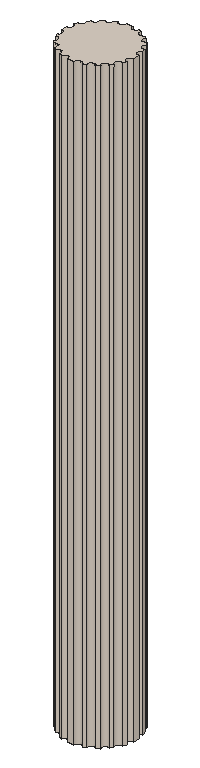
Revit family "Corinthium Column - Body", category 기둥, Revit 2026
Family settings
  로드될 때 보이드를 사용하여 절단 = 아니오
  자동으로 형상을 벽에 결합합니다 = 예
  공유 = 아니오
  평면도에서 미리 절단된 패밀리 표시 = 예
Parameters (values of type "600mmDiameter")
  제조업체 = "Revit"
  Material = Masonry - Stone
  Base Offset = 0.00 mm
  Top Offset = 0.00 mm
Reference planes
  plane 1: y = -73.685
  plane 2: z = 0
  plane 3: x = 5.235
  plane 4: z = 2508.175
  plane 5: z = 0
  plane 6: z = 3000
  plane 7: x = -144.765
  plane 8: x = 155.235
Forms (mm)
  Extrusion 1, solid, material "Masonry - Stone" <- "Material"
    sketch origin (0, 0, 0) x (1, 0, 0) y (0, 1, 0)
      loop
        arc (-35.766, 69.097) -> (-42.479, 66.996) -> (-49.086, 64.579) r 148.552
        arc (-49.086, 64.579) -> (-56.435, 46.406) -> (-75.487, 51.021) r 15
        arc (-75.487, 51.021) -> (-81.975, 46.573) -> (-88.219, 41.788) r 148.552
        arc (-88.219, 41.788) -> (-89.751, 22.245) -> (-109.308, 20.906) r 15
        arc (-109.308, 20.906) -> (-113.658, 15.377) -> (-117.741, 9.648) r 148.552
        arc (-117.741, 9.648) -> (-113.528, -9.496) -> (-131.853, -16.46) r 15
        arc (-131.853, -16.46) -> (-134.408, -23.015) -> (-136.65, -29.683) r 148.552
        arc (-136.65, -29.683) -> (-127.056, -46.777) -> (-142.566, -58.765) r 15
        arc (-142.566, -58.765) -> (-143.309, -72.119) -> (-142.847, -85.485) r 148.552
        arc (-142.847, -85.485) -> (-127.594, -97.798) -> (-137.547, -114.686) r 15
        arc (-137.547, -114.686) -> (-135.445, -121.4) -> (-133.029, -128.006) r 148.552
        arc (-133.029, -128.006) -> (-114.855, -135.355) -> (-119.471, -154.407) r 15
        arc (-119.471, -154.407) -> (-115.023, -160.896) -> (-110.238, -167.14) r 148.552
        arc (-110.238, -167.14) -> (-90.695, -168.672) -> (-89.356, -188.229) r 15
        arc (-89.356, -188.229) -> (-83.827, -192.579) -> (-78.098, -196.662) r 148.552
        arc (-78.098, -196.662) -> (-58.953, -192.449) -> (-51.989, -210.773) r 15
        arc (-51.989, -210.773) -> (-45.435, -213.328) -> (-38.767, -215.571) r 148.552
        arc (-38.767, -215.571) -> (-21.673, -205.976) -> (-9.684, -221.486) r 15
        arc (-9.684, -221.486) -> (3.669, -222.229) -> (17.035, -221.768) r 148.552
        arc (17.035, -221.768) -> (29.348, -206.514) -> (46.236, -216.467) r 15
        arc (46.236, -216.467) -> (52.95, -214.366) -> (59.557, -211.949) r 148.552
        arc (59.557, -211.949) -> (66.906, -193.776) -> (85.957, -198.391) r 15
        arc (85.957, -198.391) -> (92.446, -193.943) -> (98.69, -189.158) r 148.552
        arc (98.69, -189.158) -> (100.222, -169.615) -> (119.779, -168.276) r 15
        arc (119.779, -168.276) -> (124.129, -162.747) -> (128.212, -157.019) r 148.552
        arc (128.212, -157.019) -> (123.999, -137.874) -> (142.323, -130.91) r 15
        arc (142.323, -130.91) -> (144.878, -124.355) -> (147.121, -117.688) r 148.552
        arc (147.121, -117.688) -> (137.526, -100.593) -> (153.036, -88.605) r 15
        arc (153.036, -88.605) -> (153.779, -75.251) -> (153.318, -61.885) r 148.552
        arc (153.318, -61.885) -> (138.064, -49.572) -> (148.017, -32.684) r 15
        arc (148.017, -32.684) -> (145.916, -25.97) -> (143.499, -19.364) r 148.552
        arc (143.499, -19.364) -> (125.326, -12.015) -> (129.942, 7.037) r 15
        arc (129.942, 7.037) -> (125.493, 13.526) -> (120.708, 19.77) r 148.552
        arc (120.708, 19.77) -> (101.165, 21.302) -> (99.826, 40.859) r 15
        arc (99.826, 40.859) -> (94.297, 45.208) -> (88.569, 49.292) r 148.552
        arc (88.569, 49.292) -> (69.424, 45.079) -> (62.46, 63.403) r 15
        arc (62.46, 63.403) -> (55.906, 65.958) -> (49.238, 68.2) r 148.552
        arc (49.238, 68.2) -> (32.143, 58.606) -> (20.155, 74.116) r 15
        arc (20.155, 74.116) -> (6.801, 74.859) -> (-6.565, 74.398) r 148.552
        arc (-6.565, 74.398) -> (-18.877, 59.144) -> (-35.766, 69.097) r 15
    from 0 to 2508.175
Dimensions and locks
  "Base Offset": plane 5 to level
  "Top Offset": level to plane 4
Automatic sketch dimensions
  Extrusion 1 sketch curve to plane 1 = 0.00 mm
  Extrusion 1 sketch curve to plane 3 = 0.00 mm
  Extrusion 1 sketch curve to plane 3 = 11.80 mm
  Extrusion 1 sketch curve to Extrusion 1 sketch curve = 14.105 mm  (x2)
  Extrusion 1 sketch curve to Extrusion 1 sketch curve = 13.32 mm  (x4)
  Extrusion 1 sketch curve to Extrusion 1 sketch curve = 12.199 mm  (x2)
  Extrusion 1 sketch curve to Extrusion 1 sketch curve = 12.013 mm  (x2)
  Extrusion 1 sketch curve to Extrusion 1 sketch curve = 12.733 mm  (x4)
  Extrusion 1 sketch curve to Extrusion 1 sketch curve = 12.086 mm  (x4)
  Extrusion 1 sketch curve to Extrusion 1 sketch curve = 11.998 mm  (x4)
  Extrusion 1 sketch curve to Extrusion 1 sketch curve = 8.884 mm  (x2)
  Extrusion 1 sketch curve to Extrusion 1 sketch curve = 9.003 mm  (x2)
  Extrusion 1 sketch curve to Extrusion 1 sketch curve = 8.433 mm  (x4)
  Extrusion 1 sketch curve to Extrusion 1 sketch curve = 9.234 mm  (x4)
  Extrusion 1 sketch curve to Extrusion 1 sketch curve = 8.983 mm  (x4)
  Extrusion 1 sketch curve to Extrusion 1 sketch curve = 8.728 mm  (x4)
  plane 7 to Extrusion 1 sketch curve = 11.736 mm
  plane 7 to Extrusion 1 sketch curve = 12.912 mm
  plane 7 to Extrusion 1 sketch curve = 8.114 mm
  plane 7 to Extrusion 1 sketch curve = 7.218 mm
  plane 7 to Extrusion 1 sketch curve = 3.01 mm
  plane 7 to Extrusion 1 sketch curve = 2.412 mm
  plane 7 to Extrusion 1 sketch curve = 1.917 mm
  plane 7 to Extrusion 1 sketch curve = 2.199 mm
  plane 3 to Extrusion 1 sketch curve = 11.80 mm
  Extrusion 1 sketch curve to Extrusion 1 sketch curve = 11.257 mm  (x2)
  Extrusion 1 sketch curve to plane 8 = 11.736 mm
  Extrusion 1 sketch curve to plane 8 = 12.912 mm
  Extrusion 1 sketch curve to plane 8 = 8.114 mm
  Extrusion 1 sketch curve to plane 8 = 7.218 mm
  Extrusion 1 sketch curve to plane 8 = 3.01 mm
  Extrusion 1 sketch curve to plane 8 = 2.412 mm
  Extrusion 1 sketch curve to plane 8 = 1.917 mm
  Extrusion 1 sketch curve to plane 8 = 2.199 mm
  Extrusion 1 sketch curve to Extrusion 1 sketch curve = 14.096 mm  (x2)
  Extrusion 1 sketch curve to Extrusion 1 sketch curve = 4.798 mm  (x2)
  Extrusion 1 sketch curve to Extrusion 1 sketch curve = 4.518 mm  (x2)
  Extrusion 1 sketch curve to Extrusion 1 sketch curve = 5.105 mm  (x2)
  Extrusion 1 sketch curve to Extrusion 1 sketch curve = 4.806 mm  (x2)
  Extrusion 1 sketch curve to plane 1 = 11.80 mm
  Extrusion 1 sketch curve to Extrusion 1 sketch curve = 14.978 mm
  Extrusion 1 sketch curve to Extrusion 1 sketch curve = 0.00 mm  (x38)
  plane 3 to Extrusion 1 sketch curve = 14.92 mm
  Extrusion 1 sketch curve to Extrusion 1 sketch curve = 13.222 mm  (x2)
  Extrusion 1 sketch curve to Extrusion 1 sketch curve = 4.83 mm
  Extrusion 1 sketch curve to Extrusion 1 sketch curve = 14.209 mm
  Extrusion 1 sketch curve to Extrusion 1 sketch curve = 5.128 mm
